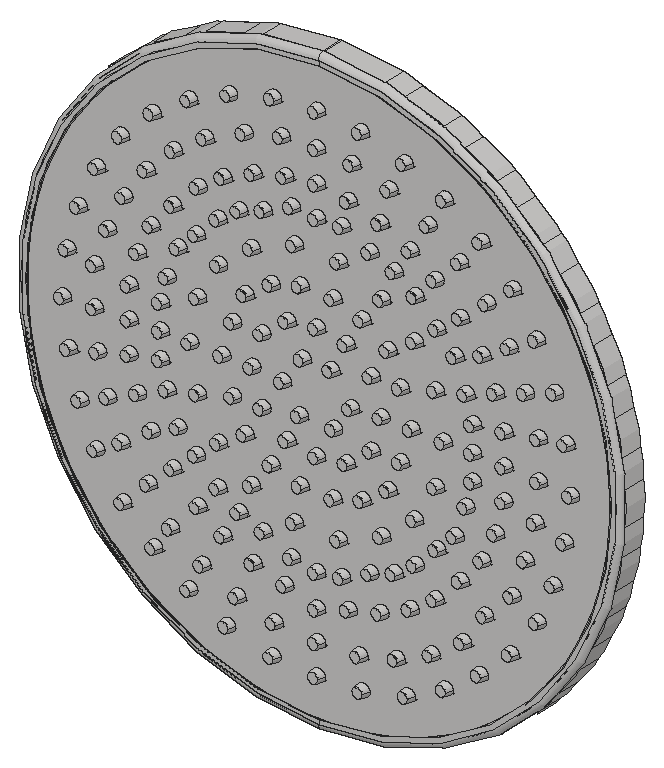
Revit family "52158-25-bim", category Plumbing Fixtures, host Face, Revit 2014 (continued)
Forms (in)
  Blend 149, solid, material "Metal - Delta - Stainless-Steel" <- "Faucet Material"
    top sketch origin (-1.04891, 0, -3.27898) x (1, 0, 0) y (0, 0, 1)
      loop
        circle (-0.85469, 10.74571) r 0.09774
    from 0.91543 to 1.14378
  Blend 150, solid, material "Metal - Delta - Stainless-Steel" <- "Faucet Material"
    base sketch origin (-1.45963, 0, -3.98996) x (1, 0, 0) y (0, 0, 1)
      loop
        circle (-0.85469, 10.74571) r 0.14299
    top sketch origin (-1.45963, 0, -3.98996) x (1, 0, 0) y (0, 0, 1)
      loop
        circle (-0.85469, 10.74571) r 0.09774
    from 0.91543 to 1.14378
  Blend 151, solid, material "Metal - Delta - Stainless-Steel" <- "Faucet Material"
    base sketch origin (-1.60774, 0, -4.82993) x (1, 0, 0) y (0, 0, 1)
      loop
        circle (-0.85469, 10.74571) r 0.14299
    top sketch origin (-1.60774, 0, -4.82993) x (1, 0, 0) y (0, 0, 1)
      loop
        circle (-0.85469, 10.74571) r 0.09774
    from 0.91543 to 1.14378
  Blend 152, solid, material "Metal - Delta - Stainless-Steel" <- "Faucet Material"
    base sketch origin (-0.98661, 0, -4.82993) x (1, 0, 0) y (0, 0, 1)
      loop
        circle (-0.85469, 10.74571) r 0.14299
    top sketch origin (-0.98661, 0, -4.82993) x (1, 0, 0) y (0, 0, 1)
      loop
        circle (-0.85469, 10.74571) r 0.09774
    from 0.91543 to 1.14378
  Blend 153, solid, material "Metal - Delta - Stainless-Steel" <- "Faucet Material"
    base sketch origin (-0.4017, 0, -4.82993) x (1, 0, 0) y (0, 0, 1)
      loop
        circle (-0.85469, 10.74571) r 0.14299
    top sketch origin (-0.4017, 0, -4.82993) x (1, 0, 0) y (0, 0, 1)
      loop
        circle (-0.85469, 10.74571) r 0.09774
    from 0.91543 to 1.14378
  Blend 154, solid, material "Metal - Delta - Stainless-Steel" <- "Faucet Material"
    base sketch origin (-0.7767, 0, -4.18041) x (1, 0, 0) y (0, 0, 1)
      loop
        circle (-0.85469, 10.74571) r 0.14299
    top sketch origin (-0.7767, 0, -4.18041) x (1, 0, 0) y (0, 0, 1)
      loop
        circle (-0.85469, 10.74571) r 0.09774
    from 0.91543 to 1.14378
  Blend 155, solid, material "Metal - Delta - Stainless-Steel" <- "Faucet Material"
    base sketch origin (-0.20673, 0, -4.18041) x (1, 0, 0) y (0, 0, 1)
      loop
        circle (-0.85469, 10.74571) r 0.14299
    top sketch origin (-0.20673, 0, -4.18041) x (1, 0, 0) y (0, 0, 1)
      loop
        circle (-0.85469, 10.74571) r 0.09774
    from 0.91543 to 1.14378
  Blend 156, solid, material "Metal - Delta - Stainless-Steel" <- "Faucet Material"
    base sketch origin (-0.53593, 0, -3.61022) x (1, 0, 0) y (0, 0, 1)
      loop
        circle (-0.85469, 10.74571) r 0.14299
    top sketch origin (-0.53593, 0, -3.61022) x (1, 0, 0) y (0, 0, 1)
      loop
        circle (-0.85469, 10.74571) r 0.09774
    from 0.91543 to 1.14378
  Blend 157, solid, material "Metal - Delta - Stainless-Steel" <- "Faucet Material"
    base sketch origin (-0.02962, 0, -3.2557) x (1, 0, 0) y (0, 0, 1)
      loop
        circle (-0.85469, 10.74571) r 0.14299
    top sketch origin (-0.02962, 0, -3.2557) x (1, 0, 0) y (0, 0, 1)
      loop
        circle (-0.85469, 10.74571) r 0.09774
    from 0.91543 to 1.14378
  Blend 158, solid, material "Metal - Delta - Stainless-Steel" <- "Faucet Material"
    base sketch origin (0.27941, 0, -3.79096) x (1, 0, 0) y (0, 0, 1)
      loop
        circle (-0.85469, 10.74571) r 0.14299
    top sketch origin (0.27941, 0, -3.79096) x (1, 0, 0) y (0, 0, 1)
      loop
        circle (-0.85469, 10.74571) r 0.09774
    from 0.91543 to 1.14378
  Blend 159, solid, material "Metal - Delta - Stainless-Steel" <- "Faucet Material"
    base sketch origin (0.53593, 0, -3.08619) x (1, 0, 0) y (0, 0, 1)
      loop
        circle (-0.85469, 10.74571) r 0.14299
    top sketch origin (0.53593, 0, -3.08619) x (1, 0, 0) y (0, 0, 1)
      loop
        circle (-0.85469, 10.74571) r 0.09774
    from 0.91543 to 1.14378
  Blend 160, solid, material "Metal - Delta - Stainless-Steel" <- "Faucet Material"
    base sketch origin (0.85469, 0, -3.70729) x (1, 0, 0) y (0, 0, 1)
      loop
        circle (-0.85469, 10.74571) r 0.14299
    top sketch origin (0.85469, 0, -3.70729) x (1, 0, 0) y (0, 0, 1)
      loop
        circle (-0.85469, 10.74571) r 0.09774
    from 0.91543 to 1.14378
  Blend 161, solid, material "Metal - Delta - Stainless-Steel" <- "Faucet Material"
    base sketch origin (0.42314, 0, 14.24067) x (1, 0, 0) y (0, 0, 1)
      loop
        circle (-0.85469, -10.74571) r 0.14299
    top sketch origin (0.42314, 0, 14.24067) x (1, 0, 0) y (0, 0, 1)
      loop
        circle (-0.85469, -10.74571) r 0.09774
    from 0.91543 to 1.14378
  Blend 162, solid, material "Metal - Delta - Stainless-Steel" <- "Faucet Material"
    base sketch origin (-0.41301, 0, 14.5956) x (1, 0, 0) y (0, 0, 1)
      loop
        circle (-0.85469, -10.74571) r 0.14299
    top sketch origin (-0.41301, 0, 14.5956) x (1, 0, 0) y (0, 0, 1)
      loop
        circle (-0.85469, -10.74571) r 0.09774
    from 0.91543 to 1.14378
  Blend 163, solid, material "Metal - Delta - Stainless-Steel" <- "Faucet Material"
    base sketch origin (-1.04891, 0, 15.11054) x (1, 0, 0) y (0, 0, 1)
      loop
        circle (-0.85469, -10.74571) r 0.14299
    top sketch origin (-1.04891, 0, 15.11054) x (1, 0, 0) y (0, 0, 1)
      loop
        circle (-0.85469, -10.74571) r 0.09774
    from 0.91543 to 1.14378
  Blend 164, solid, material "Metal - Delta - Stainless-Steel" <- "Faucet Material"
    base sketch origin (-1.45963, 0, 15.82152) x (1, 0, 0) y (0, 0, 1)
      loop
        circle (-0.85469, -10.74571) r 0.14299
    top sketch origin (-1.45963, 0, 15.82152) x (1, 0, 0) y (0, 0, 1)
      loop
        circle (-0.85469, -10.74571) r 0.09774
    from 0.91543 to 1.14378
  Blend 165, solid, material "Metal - Delta - Stainless-Steel" <- "Faucet Material"
    base sketch origin (-0.7767, 0, 16.01197) x (1, 0, 0) y (0, 0, 1)
      loop
        circle (-0.85469, -10.74571) r 0.14299
    top sketch origin (-0.7767, 0, 16.01197) x (1, 0, 0) y (0, 0, 1)
      loop
        circle (-0.85469, -10.74571) r 0.09774
    from 0.91543 to 1.14378
  Blend 166, solid, material "Metal - Delta - Stainless-Steel" <- "Faucet Material"
    base sketch origin (-0.20673, 0, 16.01197) x (1, 0, 0) y (0, 0, 1)
      loop
        circle (-0.85469, -10.74571) r 0.14299
    top sketch origin (-0.20673, 0, 16.01197) x (1, 0, 0) y (0, 0, 1)
      loop
        circle (-0.85469, -10.74571) r 0.09774
    from 0.91543 to 1.14378
  Blend 167, solid, material "Metal - Delta - Stainless-Steel" <- "Faucet Material"
    base sketch origin (-0.53593, 0, 15.44178) x (1, 0, 0) y (0, 0, 1)
      loop
        circle (-0.85469, -10.74571) r 0.14299
    top sketch origin (-0.53593, 0, 15.44178) x (1, 0, 0) y (0, 0, 1)
      loop
        circle (-0.85469, -10.74571) r 0.09774
    from 0.91543 to 1.14378
  Blend 168, solid, material "Metal - Delta - Stainless-Steel" <- "Faucet Material"
    base sketch origin (-0.02962, 0, 15.08726) x (1, 0, 0) y (0, 0, 1)
      loop
        circle (-0.85469, -10.74571) r 0.14299
    top sketch origin (-0.02962, 0, 15.08726) x (1, 0, 0) y (0, 0, 1)
      loop
        circle (-0.85469, -10.74571) r 0.09774
    from 0.91543 to 1.14378
  Blend 169, solid, material "Metal - Delta - Stainless-Steel" <- "Faucet Material"
    base sketch origin (0.27941, 0, 15.62252) x (1, 0, 0) y (0, 0, 1)
      loop
        circle (-0.85469, -10.74571) r 0.14299
    top sketch origin (0.27941, 0, 15.62252) x (1, 0, 0) y (0, 0, 1)
      loop
        circle (-0.85469, -10.74571) r 0.09774
    from 0.91543 to 1.14378
  Blend 170, solid, material "Metal - Delta - Stainless-Steel" <- "Faucet Material"
    base sketch origin (0.53593, 0, 14.91776) x (1, 0, 0) y (0, 0, 1)
      loop
        circle (-0.85469, -10.74571) r 0.14299
    top sketch origin (0.53593, 0, 14.91776) x (1, 0, 0) y (0, 0, 1)
      loop
        circle (-0.85469, -10.74571) r 0.09774
    from 0.91543 to 1.14378
  Blend 171, solid, material "Metal - Delta - Stainless-Steel" <- "Faucet Material"
    base sketch origin (0.85469, 0, 15.53885) x (1, 0, 0) y (0, 0, 1)
      loop
        circle (-0.85469, -10.74571) r 0.14299
    top sketch origin (0.85469, 0, 15.53885) x (1, 0, 0) y (0, 0, 1)
      loop
        circle (-0.85469, -10.74571) r 0.09774
    from 0.91543 to 1.14378
  Revolve 172, solid, material "Metal - Delta - Stainless-Steel" <- "Faucet Material"
    sketch origin (0, 0, 0) x (0, 1, 0) y (0, 0, -1)
      loop
        line (-0.45086, -11.78051) -> (-0.45086, -11.72105) -> (-0.88741, -11.72105)
        arc (-0.88741, -11.72105) -> (-0.92671, -11.70477) -> (-0.94299, -11.66546) r 0.05558
        line (-0.94299, -11.66546) -> (-0.94299, -11.57038) -> (-1.00205, -11.57038) -> (-1.00205, -11.66141)
        arc (-1.00205, -11.66141) -> (-0.96716, -11.74563) -> (-0.88294, -11.78051) r 0.1191
        line (-0.88294, -11.78051) -> (-0.45086, -11.78051)
      loop
        line (-0.42566, -6.62303) -> (0.30908, -6.62303)
        arc (0.30908, -6.62303) -> (0.32905, -6.61476) -> (0.33732, -6.59478) r 0.02825
        line (0.33732, -6.59478) -> (0.33732, -6.27476)
        arc (0.33732, -6.27476) -> (0.37524, -6.24811) -> (0.40877, -6.21611) r 0.31046
        line (0.40877, -6.21611) -> (0.51843, -6.21611) -> (0.51843, -6.28441)
        arc (0.51843, -6.28441) -> (0.53452, -6.32327) -> (0.57338, -6.33936) r 0.05495
        line (0.57338, -6.33936) -> (1.20376, -6.33936)
        arc (1.20376, -6.33936) -> (1.22026, -6.33253) -> (1.22709, -6.31603) r 0.02333
        line (1.22709, -6.31603) -> (1.22709, -6.03268) -> (0.57614, -6.03268) -> (0.57614, -5.875) -> (-0.42566, -5.875) -> (-0.42566, -6.62303)
      axis (-1.00205, -5.875) -> (1.22709, -5.875)
    angle from 0 to 360
  Blend 173, solid, material "Metal - Delta - Stainless-Steel" <- "Faucet Material"
    base sketch origin (-0.42314, 0, -2.40911) x (-1, 0, 0) y (0, 0, -1)
      loop
        circle (-0.85469, -10.74571) r 0.14299
    top sketch origin (-0.42314, 0, -2.40911) x (-1, 0, 0) y (0, 0, -1)
      loop
        circle (-0.85469, -10.74571) r 0.09774
    from 0.91543 to 1.14378
  Blend 174, solid, material "Metal - Delta - Stainless-Steel" <- "Faucet Material"
    base sketch origin (0.41301, 0, -2.76404) x (-1, 0, 0) y (0, 0, -1)
      loop
        circle (-0.85469, -10.74571) r 0.14299
    top sketch origin (0.41301, 0, -2.76404) x (-1, 0, 0) y (0, 0, -1)
      loop
        circle (-0.85469, -10.74571) r 0.09774
    from 0.91543 to 1.14378
  Blend 175, solid, material "Metal - Delta - Stainless-Steel" <- "Faucet Material"
    base sketch origin (1.04891, 0, -3.27898) x (-1, 0, 0) y (0, 0, -1)
      loop
        circle (-0.85469, -10.74571) r 0.14299
    top sketch origin (1.04891, 0, -3.27898) x (-1, 0, 0) y (0, 0, -1)
      loop
        circle (-0.85469, -10.74571) r 0.09774
    from 0.91543 to 1.14378
  Blend 176, solid, material "Metal - Delta - Stainless-Steel" <- "Faucet Material"
    base sketch origin (1.45963, 0, -3.98996) x (-1, 0, 0) y (0, 0, -1)
      loop
        circle (-0.85469, -10.74571) r 0.14299
    top sketch origin (1.45963, 0, -3.98996) x (-1, 0, 0) y (0, 0, -1)
      loop
        circle (-0.85469, -10.74571) r 0.09774
    from 0.91543 to 1.14378
  Blend 177, solid, material "Metal - Delta - Stainless-Steel" <- "Faucet Material"
    base sketch origin (1.60774, 0, -4.82993) x (-1, 0, 0) y (0, 0, -1)
      loop
        circle (-0.85469, -10.74571) r 0.14299
    top sketch origin (1.60774, 0, -4.82993) x (-1, 0, 0) y (0, 0, -1)
      loop
        circle (-0.85469, -10.74571) r 0.09774
    from 0.91543 to 1.14378
  Blend 178, solid, material "Metal - Delta - Stainless-Steel" <- "Faucet Material"
    base sketch origin (0.98661, 0, -4.82993) x (-1, 0, 0) y (0, 0, -1)
      loop
        circle (-0.85469, -10.74571) r 0.14299
    top sketch origin (0.98661, 0, -4.82993) x (-1, 0, 0) y (0, 0, -1)
      loop
        circle (-0.85469, -10.74571) r 0.09774
    from 0.91543 to 1.14378
  Blend 179, solid, material "Metal - Delta - Stainless-Steel" <- "Faucet Material"
    base sketch origin (0.4017, 0, -4.82993) x (-1, 0, 0) y (0, 0, -1)
      loop
        circle (-0.85469, -10.74571) r 0.14299
    top sketch origin (0.4017, 0, -4.82993) x (-1, 0, 0) y (0, 0, -1)
      loop
        circle (-0.85469, -10.74571) r 0.09774
    from 0.91543 to 1.14378
  Blend 180, solid, material "Metal - Delta - Stainless-Steel" <- "Faucet Material"
    base sketch origin (0.7767, 0, -4.18041) x (-1, 0, 0) y (0, 0, -1)
      loop
        circle (-0.85469, -10.74571) r 0.14299
    top sketch origin (0.7767, 0, -4.18041) x (-1, 0, 0) y (0, 0, -1)
      loop
        circle (-0.85469, -10.74571) r 0.09774
    from 0.91543 to 1.14378
  Blend 181, solid, material "Metal - Delta - Stainless-Steel" <- "Faucet Material"
    base sketch origin (0.20673, 0, -4.18041) x (-1, 0, 0) y (0, 0, -1)
      loop
        circle (-0.85469, -10.74571) r 0.14299
    top sketch origin (0.20673, 0, -4.18041) x (-1, 0, 0) y (0, 0, -1)
      loop
        circle (-0.85469, -10.74571) r 0.09774
    from 0.91543 to 1.14378
  Blend 182, solid, material "Metal - Delta - Stainless-Steel" <- "Faucet Material"
    base sketch origin (0.53593, 0, -3.61022) x (-1, 0, 0) y (0, 0, -1)
      loop
        circle (-0.85469, -10.74571) r 0.14299
    top sketch origin (0.53593, 0, -3.61022) x (-1, 0, 0) y (0, 0, -1)
      loop
        circle (-0.85469, -10.74571) r 0.09774
    from 0.91543 to 1.14378
  Blend 183, solid, material "Metal - Delta - Stainless-Steel" <- "Faucet Material"
    base sketch origin (0.02962, 0, -3.2557) x (-1, 0, 0) y (0, 0, -1)
      loop
        circle (-0.85469, -10.74571) r 0.14299
    top sketch origin (0.02962, 0, -3.2557) x (-1, 0, 0) y (0, 0, -1)
      loop
        circle (-0.85469, -10.74571) r 0.09774
    from 0.91543 to 1.14378
  Blend 184, solid, material "Metal - Delta - Stainless-Steel" <- "Faucet Material"
    base sketch origin (-0.27941, 0, -3.79096) x (-1, 0, 0) y (0, 0, -1)
      loop
        circle (-0.85469, -10.74571) r 0.14299
    top sketch origin (-0.27941, 0, -3.79096) x (-1, 0, 0) y (0, 0, -1)
      loop
        circle (-0.85469, -10.74571) r 0.09774
    from 0.91543 to 1.14378
  Blend 185, solid, material "Metal - Delta - Stainless-Steel" <- "Faucet Material"
    base sketch origin (-0.53593, 0, -3.08619) x (-1, 0, 0) y (0, 0, -1)
      loop
        circle (-0.85469, -10.74571) r 0.14299
    top sketch origin (-0.53593, 0, -3.08619) x (-1, 0, 0) y (0, 0, -1)
      loop
        circle (-0.85469, -10.74571) r 0.09774
    from 0.91543 to 1.14378
  Blend 186, solid, material "Metal - Delta - Stainless-Steel" <- "Faucet Material"
    base sketch origin (-0.42314, 0, 14.24067) x (-1, 0, 0) y (0, 0, -1)
      loop
        circle (-0.85469, 10.74571) r 0.14299
    top sketch origin (-0.42314, 0, 14.24067) x (-1, 0, 0) y (0, 0, -1)
      loop
        circle (-0.85469, 10.74571) r 0.09774
    from 0.91543 to 1.14378
  Blend 187, solid, material "Metal - Delta - Stainless-Steel" <- "Faucet Material"
    base sketch origin (0.41301, 0, 14.5956) x (-1, 0, 0) y (0, 0, -1)
      loop
        circle (-0.85469, 10.74571) r 0.14299
    top sketch origin (0.41301, 0, 14.5956) x (-1, 0, 0) y (0, 0, -1)
      loop
        circle (-0.85469, 10.74571) r 0.09774
    from 0.91543 to 1.14378
  Blend 188, solid, material "Metal - Delta - Stainless-Steel" <- "Faucet Material"
    base sketch origin (1.04891, 0, 15.11054) x (-1, 0, 0) y (0, 0, -1)
      loop
        circle (-0.85469, 10.74571) r 0.14299
    top sketch origin (1.04891, 0, 15.11054) x (-1, 0, 0) y (0, 0, -1)
      loop
        circle (-0.85469, 10.74571) r 0.09774
    from 0.91543 to 1.14378
  Blend 189, solid, material "Metal - Delta - Stainless-Steel" <- "Faucet Material"
    base sketch origin (1.45963, 0, 15.82152) x (-1, 0, 0) y (0, 0, -1)
      loop
        circle (-0.85469, 10.74571) r 0.14299
    top sketch origin (1.45963, 0, 15.82152) x (-1, 0, 0) y (0, 0, -1)
      loop
        circle (-0.85469, 10.74571) r 0.09774
    from 0.91543 to 1.14378
  Blend 190, solid, material "Metal - Delta - Stainless-Steel" <- "Faucet Material"
    base sketch origin (0.7767, 0, 16.01197) x (-1, 0, 0) y (0, 0, -1)
      loop
        circle (-0.85469, 10.74571) r 0.14299
    top sketch origin (0.7767, 0, 16.01197) x (-1, 0, 0) y (0, 0, -1)
      loop
        circle (-0.85469, 10.74571) r 0.09774
    from 0.91543 to 1.14378
  Blend 191, solid, material "Metal - Delta - Stainless-Steel" <- "Faucet Material"
    base sketch origin (0.20673, 0, 16.01197) x (-1, 0, 0) y (0, 0, -1)
      loop
        circle (-0.85469, 10.74571) r 0.14299
    top sketch origin (0.20673, 0, 16.01197) x (-1, 0, 0) y (0, 0, -1)
      loop
        circle (-0.85469, 10.74571) r 0.09774
    from 0.91543 to 1.14378
  Blend 192, solid, material "Metal - Delta - Stainless-Steel" <- "Faucet Material"
    base sketch origin (0.53593, 0, 15.44178) x (-1, 0, 0) y (0, 0, -1)
      loop
        circle (-0.85469, 10.74571) r 0.14299
    top sketch origin (0.53593, 0, 15.44178) x (-1, 0, 0) y (0, 0, -1)
      loop
        circle (-0.85469, 10.74571) r 0.09774
    from 0.91543 to 1.14378
  Blend 193, solid, material "Metal - Delta - Stainless-Steel" <- "Faucet Material"
    base sketch origin (0.02962, 0, 15.08726) x (-1, 0, 0) y (0, 0, -1)
      loop
        circle (-0.85469, 10.74571) r 0.14299
    top sketch origin (0.02962, 0, 15.08726) x (-1, 0, 0) y (0, 0, -1)
      loop
        circle (-0.85469, 10.74571) r 0.09774
    from 0.91543 to 1.14378
  Blend 194, solid, material "Metal - Delta - Stainless-Steel" <- "Faucet Material"
    base sketch origin (-0.27941, 0, 15.62252) x (-1, 0, 0) y (0, 0, -1)
      loop
        circle (-0.85469, 10.74571) r 0.14299
    top sketch origin (-0.27941, 0, 15.62252) x (-1, 0, 0) y (0, 0, -1)
      loop
        circle (-0.85469, 10.74571) r 0.09774
    from 0.91543 to 1.14378
  Blend 195, solid, material "Metal - Delta - Stainless-Steel" <- "Faucet Material"
    base sketch origin (-0.53593, 0, 14.91776) x (-1, 0, 0) y (0, 0, -1)
      loop
        circle (-0.85469, 10.74571) r 0.14299
    top sketch origin (-0.53593, 0, 14.91776) x (-1, 0, 0) y (0, 0, -1)
      loop
        circle (-0.85469, 10.74571) r 0.09774
    from 0.91543 to 1.14378
  Blend 196, solid, material "Metal - Delta - Stainless-Steel" <- "Faucet Material"
    base sketch origin (0.57487, 0, -4.34664) x (1, 0, 0) y (0, 0, 1)
      loop
        circle (-0.85469, 10.74571) r 0.14299
    top sketch origin (0.57487, 0, -4.34664) x (1, 0, 0) y (0, 0, 1)
      loop
        circle (-0.85469, 10.74571) r 0.09774
    from 0.91543 to 1.14378
  Blend 197, solid, material "Metal - Delta - Stainless-Steel" <- "Faucet Material"
    base sketch origin (0.18899, 0, -4.87776) x (1, 0, 0) y (0, 0, 1)
      loop
        circle (-0.85469, 10.74571) r 0.14299
    top sketch origin (0.18899, 0, -4.87776) x (1, 0, 0) y (0, 0, 1)
      loop
        circle (-0.85469, 10.74571) r 0.09774
    from 0.91543 to 1.14378
  Blend 198, solid, material "Metal - Delta - Stainless-Steel" <- "Faucet Material"
    base sketch origin (0.5212, 0, -5.35221) x (1, 0, 0) y (0, 0, 1)
      loop
        circle (-0.85469, 10.74571) r 0.14299
    top sketch origin (0.5212, 0, -5.35221) x (1, 0, 0) y (0, 0, 1)
      loop
        circle (-0.85469, 10.74571) r 0.09774
    from 0.91543 to 1.14378
  Blend 199, solid, material "Metal - Delta - Stainless-Steel" <- "Faucet Material"
    base sketch origin (-0.57487, 0, -4.34664) x (-1, 0, 0) y (0, 0, -1)
      loop
        circle (-0.85469, -10.74571) r 0.14299
    top sketch origin (-0.57487, 0, -4.34664) x (-1, 0, 0) y (0, 0, -1)
      loop
        circle (-0.85469, -10.74571) r 0.09774
    from 0.91543 to 1.14378
  Blend 200, solid, material "Metal - Delta - Stainless-Steel" <- "Faucet Material"
    base sketch origin (-0.18899, 0, -4.87776) x (-1, 0, 0) y (0, 0, -1)
      loop
        circle (-0.85469, -10.74571) r 0.14299
    top sketch origin (-0.18899, 0, -4.87776) x (-1, 0, 0) y (0, 0, -1)
      loop
        circle (-0.85469, -10.74571) r 0.09774
    from 0.91543 to 1.14378
  Blend 201, solid, material "Metal - Delta - Stainless-Steel" <- "Faucet Material"
    base sketch origin (-0.5212, 0, -5.35221) x (-1, 0, 0) y (0, 0, -1)
      loop
        circle (-0.85469, -10.74571) r 0.14299
    top sketch origin (-0.5212, 0, -5.35221) x (-1, 0, 0) y (0, 0, -1)
      loop
        circle (-0.85469, -10.74571) r 0.09774
    from 0.91543 to 1.14378
Dimensions and locks (in)
  equal spacing: plane 4, plane 1 "Center (Front/Back)", plane 5
  "Depth": plane 4 to plane 5
  "Height": plane 6 to plane 2
  equal spacing: plane 8, plane 3 "Center (Left/Right)", plane 9
  "Width": plane 8 to plane 9
  aligned and locked: plane 2 to host face
  aligned and locked: level to host face
Automatic sketch dimensions
  host sketch curve to host sketch curve = 96"  (x2)
  plane 5 to Revolve 1 sketch curve = 0.20108"
  Revolve 1 sketch curve to Revolve 1 sketch curve = 0.05906"
  Revolve 1 sketch curve to Revolve 1 sketch curve = 0.05558"
  Revolve 1 sketch curve to Revolve 1 sketch curve = 0.00446"
  plane 6 to Revolve 1 sketch curve = 0.07583"
  Revolve 1 sketch curve to Revolve 1 sketch curve = 0.43208"
  plane 1 "Center (Front/Back)" to Revolve 1 sketch curve = 0.42566"
  Revolve 1 sketch curve to plane 1 "Center (Front/Back)" = 0.17828"
  Revolve 1 sketch curve to plane 1 "Center (Front/Back)" = 0.30908"
  Revolve 1 sketch curve to Revolve 1 sketch curve = 0.02825"
  Revolve 1 sketch curve to Revolve 1 sketch curve = 0.07145"
  Revolve 1 sketch curve to Revolve 1 sketch curve = 0.10965"
  Revolve 1 sketch curve to Revolve 1 sketch curve = 0.05495"
  Revolve 1 sketch curve to Revolve 1 sketch curve = 0.05771"
  plane 4 to Revolve 1 sketch curve = 0.00064"
  plane 4 to Revolve 1 sketch curve = 0.02396"
  Revolve 1 sketch curve to Revolve 1 sketch curve = 0.00405"
  Revolve 1 sketch curve to Revolve 1 sketch curve = 0.09508"
  Revolve 1 sketch curve to Revolve 1 sketch curve = 4.94735"
  Revolve 1 sketch curve to Revolve 1 sketch curve = 0.25542"
  Revolve 1 sketch curve to Revolve 1 sketch curve = 0.00965"
  Revolve 1 sketch curve to Revolve 1 sketch curve = 0.0683"
  Revolve 1 sketch curve to Revolve 1 sketch curve = 0.18344"
  Revolve 1 sketch curve to Revolve 1 sketch curve = 0.13314"  (x2)
  Revolve 1 sketch curve to plane 1 "Center (Front/Back)" = 0.02137"
  Revolve 1 sketch curve to Revolve 1 sketch curve = 0.01812"
  Extrusion 2 sketch curve to plane 3 "Center (Left/Right)" = 0"
  level to Extrusion 2 sketch curve = 5 7/8"
  Blend 3 sketch curve to plane 3 "Center (Left/Right)" = 0.85469"  (x2)
  plane 6 to Blend 3 sketch curve = 1.05117"  (x2)
  Blend 4 sketch curve to plane 3 "Center (Left/Right)" = 0"  (x2)
  plane 6 to Blend 4 sketch curve = 0.97639"  (x2)
  Blend 5 sketch curve to plane 3 "Center (Left/Right)" = 1.70675"  (x2)
  plane 6 to Blend 5 sketch curve = 1.29213"  (x2)
  Blend 6 sketch curve to plane 3 "Center (Left/Right)" = 2.48447"  (x2)
  plane 6 to Blend 6 sketch curve = 1.65478"  (x2)
  plane 8 to Blend 7 sketch curve = 2.72143"  (x2)
  plane 6 to Blend 7 sketch curve = 2.13772"  (x2)
  plane 8 to Blend 8 sketch curve = 2.10746"  (x2)
  plane 6 to Blend 8 sketch curve = 2.75169"  (x2)
  plane 8 to Blend 9 sketch curve = 1.64375"  (x2)
  plane 6 to Blend 9 sketch curve = 3.46574"  (x2)
  plane 8 to Blend 10 sketch curve = 1.2876"  (x2)
  plane 6 to Blend 10 sketch curve = 4.26566"  (x2)
  plane 8 to Blend 11 sketch curve = 1.06806"  (x2)
  plane 6 to Blend 11 sketch curve = 5.08499"  (x2)
  plane 8 to Blend 12 sketch curve = 0.97695"  (x2)
  level to Blend 12 sketch curve = 5.84506"  (x2)
  plane 8 to Blend 13 sketch curve = 1.09777"  (x2)
  level to Blend 13 sketch curve = 4.9854"  (x2)
  plane 8 to Blend 14 sketch curve = 1.31834"  (x2)
  level to Blend 14 sketch curve = 4.16222"  (x2)
  plane 8 to Blend 15 sketch curve = 1.62911"  (x2)
  level to Blend 15 sketch curve = 3.41003"  (x2)
  plane 8 to Blend 16 sketch curve = 2.15304"  (x2)
  level to Blend 16 sketch curve = 2.67066"  (x2)
  plane 8 to Blend 17 sketch curve = 2.75594"  (x2)
  level to Blend 17 sketch curve = 2.09849"  (x2)
  Blend 18 sketch curve to plane 3 "Center (Left/Right)" = 2.4841"  (x2)
  level to Blend 18 sketch curve = 1.60415"  (x2)
  Blend 19 sketch curve to plane 3 "Center (Left/Right)" = 1.74696"  (x2)
  level to Blend 19 sketch curve = 1.22785"  (x2)
  Blend 20 sketch curve to plane 3 "Center (Left/Right)" = 0.86659"  (x2)
  level to Blend 20 sketch curve = 1.00405"  (x2)
  Blend 21 sketch curve to plane 3 "Center (Left/Right)" = 0"  (x2)
  plane 6 to Blend 21 sketch curve = 1.63391"  (x2)
  Blend 22 sketch curve to plane 3 "Center (Left/Right)" = 0"  (x2)
  plane 6 to Blend 22 sketch curve = 2.24987"  (x2)
  Blend 23 sketch curve to plane 3 "Center (Left/Right)" = 0"  (x2)
  plane 6 to Blend 23 sketch curve = 2.85151"  (x2)
  Blend 24 sketch curve to plane 3 "Center (Left/Right)" = 0.6861"  (x2)
  plane 6 to Blend 24 sketch curve = 1.66315"  (x2)
  Blend 25 sketch curve to plane 3 "Center (Left/Right)" = 1.41055"  (x2)
  plane 6 to Blend 25 sketch curve = 1.85727"  (x2)
  Blend 26 sketch curve to plane 3 "Center (Left/Right)" = 2.17144"  (x2)
  plane 6 to Blend 26 sketch curve = 2.21208"  (x2)
  Blend 27 sketch curve to plane 3 "Center (Left/Right)" = 2.7858"  (x2)
  plane 6 to Blend 27 sketch curve = 2.64226"  (x2)
  plane 8 to Blend 28 sketch curve = 2.60575"  (x2)
  plane 6 to Blend 28 sketch curve = 3.17259"  (x2)
  plane 8 to Blend 29 sketch curve = 2.17556"  (x2)
  plane 6 to Blend 29 sketch curve = 3.78695"  (x2)
  plane 8 to Blend 30 sketch curve = 1.8586"  (x2)
  plane 6 to Blend 30 sketch curve = 4.46668"  (x2)
  plane 8 to Blend 31 sketch curve = 1.60208"  (x2)
  plane 6 to Blend 31 sketch curve = 5.17145"  (x2)
  plane 8 to Blend 32 sketch curve = 1.60208"  (x2)
  level to Blend 32 sketch curve = 5.87542"  (x2)
  plane 8 to Blend 33 sketch curve = 1.66745"  (x2)
  level to Blend 33 sketch curve = 5.12828"  (x2)
  plane 8 to Blend 34 sketch curve = 1.86157"  (x2)
  level to Blend 34 sketch curve = 4.40383"  (x2)
  plane 8 to Blend 35 sketch curve = 2.11808"  (x2)
  level to Blend 35 sketch curve = 3.69906"  (x2)
  plane 8 to Blend 36 sketch curve = 2.64841"  (x2)
  level to Blend 36 sketch curve = 3.16873"  (x2)
  Blend 37 sketch curve to plane 3 "Center (Left/Right)" = 2.84328"  (x2)
  level to Blend 37 sketch curve = 2.55437"  (x2)
  Blend 38 sketch curve to plane 3 "Center (Left/Right)" = 2.22892"  (x2)
  level to Blend 38 sketch curve = 2.12419"  (x2)
  Blend 39 sketch curve to plane 3 "Center (Left/Right)" = 1.54919"  (x2)
  level to Blend 39 sketch curve = 1.80722"  (x2)
  Blend 40 sketch curve to plane 3 "Center (Left/Right)" = 0.82474"  (x2)
  level to Blend 40 sketch curve = 1.61311"  (x2)
  Blend 41 sketch curve to plane 3 "Center (Left/Right)" = 0.61712"  (x2)
  plane 6 to Blend 41 sketch curve = 2.3355"  (x2)
  Blend 42 sketch curve to plane 3 "Center (Left/Right)" = 1.23479"  (x2)
  plane 6 to Blend 42 sketch curve = 2.50101"  (x2)
  Blend 43 sketch curve to plane 3 "Center (Left/Right)" = 1.82027"  (x2)
  plane 6 to Blend 43 sketch curve = 2.77402"  (x2)
  Blend 44 sketch curve to plane 3 "Center (Left/Right)" = 2.30551"  (x2)
  plane 6 to Blend 44 sketch curve = 3.11379"  (x2)
  Blend 45 sketch curve to plane 3 "Center (Left/Right)" = 2.79581"  (x2)
  plane 6 to Blend 45 sketch curve = 3.60409"  (x2)
  plane 8 to Blend 46 sketch curve = 2.70341"  (x2)
  plane 6 to Blend 46 sketch curve = 4.10779"  (x2)
  plane 8 to Blend 47 sketch curve = 2.44155"  (x2)
  plane 6 to Blend 47 sketch curve = 4.66934"  (x2)
  plane 8 to Blend 48 sketch curve = 2.2751"  (x2)
  plane 6 to Blend 48 sketch curve = 5.29054"  (x2)
  plane 8 to Blend 49 sketch curve = 2.2751"  (x2)
  plane 6 to Blend 49 sketch curve = 5.89793"  (x2)
  plane 3 "Center (Left/Right)" to Blend 50 sketch curve = 0.61712"  (x2)
  Blend 50 sketch curve to level = 2.33652"  (x2)
  plane 3 "Center (Left/Right)" to Blend 51 sketch curve = 1.23479"  (x2)
  Blend 51 sketch curve to level = 2.50203"  (x2)
  plane 3 "Center (Left/Right)" to Blend 52 sketch curve = 1.82027"  (x2)
  Blend 52 sketch curve to level = 2.77504"  (x2)
  plane 3 "Center (Left/Right)" to Blend 53 sketch curve = 2.30551"  (x2)
  Blend 53 sketch curve to level = 3.11481"  (x2)
  plane 3 "Center (Left/Right)" to Blend 54 sketch curve = 2.79581"  (x2)
  Blend 54 sketch curve to level = 3.60511"  (x2)
  Blend 55 sketch curve to plane 8 = 2.70341"  (x2)
  Blend 55 sketch curve to level = 4.10881"  (x2)
  Blend 56 sketch curve to plane 8 = 2.44155"  (x2)
  Blend 56 sketch curve to level = 4.67036"  (x2)
  Blend 57 sketch curve to plane 8 = 2.2751"  (x2)
  Blend 57 sketch curve to level = 5.29156"  (x2)
  Blend 58 sketch curve to plane 3 "Center (Left/Right)" = 0.48771"  (x2)
  plane 6 to Blend 58 sketch curve = 2.81847"  (x2)
  Blend 59 sketch curve to plane 3 "Center (Left/Right)" = 1.03883"  (x2)
  plane 6 to Blend 59 sketch curve = 3.07546"  (x2)
  Blend 60 sketch curve to plane 3 "Center (Left/Right)" = 1.50868"  (x2)
  plane 6 to Blend 60 sketch curve = 3.24647"  (x2)
  Blend 61 sketch curve to plane 3 "Center (Left/Right)" = 1.91826"  (x2)
  plane 6 to Blend 61 sketch curve = 3.53326"  (x2)
  Blend 62 sketch curve to plane 3 "Center (Left/Right)" = 2.34035"  (x2)
  plane 6 to Blend 62 sketch curve = 3.95535"  (x2)
  Blend 63 sketch curve to plane 3 "Center (Left/Right)" = 2.6939"  (x2)
  plane 6 to Blend 63 sketch curve = 4.3089"  (x2)
  Blend 64 sketch curve to plane 3 "Center (Left/Right)" = 2.90662"  (x2)
  plane 6 to Blend 64 sketch curve = 4.89333"  (x2)
  plane 8 to Blend 65 sketch curve = 2.88585"  (x2)
  plane 6 to Blend 65 sketch curve = 5.3763"  (x2)
  plane 8 to Blend 66 sketch curve = 2.88585"  (x2)
  plane 6 to Blend 66 sketch curve = 5.8763"  (x2)
  plane 3 "Center (Left/Right)" to Blend 67 sketch curve = 0.48771"  (x2)
  Blend 67 sketch curve to level = 2.86275"  (x2)
  plane 3 "Center (Left/Right)" to Blend 68 sketch curve = 1.03883"  (x2)
  Blend 68 sketch curve to level = 3.11974"  (x2)
  plane 3 "Center (Left/Right)" to Blend 69 sketch curve = 1.50868"  (x2)
  Blend 69 sketch curve to level = 3.29075"  (x2)
  plane 3 "Center (Left/Right)" to Blend 70 sketch curve = 1.91826"  (x2)
  Blend 70 sketch curve to level = 3.57754"  (x2)
  plane 3 "Center (Left/Right)" to Blend 71 sketch curve = 2.34035"  (x2)
  Blend 71 sketch curve to level = 3.99963"  (x2)
  plane 3 "Center (Left/Right)" to Blend 72 sketch curve = 2.6939"  (x2)
  Blend 72 sketch curve to level = 4.35318"  (x2)
  plane 3 "Center (Left/Right)" to Blend 73 sketch curve = 2.90662"  (x2)
  Blend 73 sketch curve to level = 4.93762"  (x2)
  Blend 74 sketch curve to plane 8 = 2.88585"  (x2)
  Blend 74 sketch curve to level = 5.42058"  (x2)
  Blend 75 sketch curve to plane 3 "Center (Left/Right)" = 0.85469"  (x2)
  Blend 75 sketch curve to plane 6 = 1.05117"  (x2)
  Blend 76 sketch curve to plane 3 "Center (Left/Right)" = 1.70675"  (x2)
  Blend 76 sketch curve to plane 6 = 1.29213"  (x2)
  Blend 77 sketch curve to plane 3 "Center (Left/Right)" = 2.48447"  (x2)
  Blend 77 sketch curve to plane 6 = 1.65478"  (x2)
  plane 9 to Blend 78 sketch curve = 2.72143"  (x2)
  Blend 78 sketch curve to plane 6 = 2.13772"  (x2)
  plane 9 to Blend 79 sketch curve = 2.10746"  (x2)
  Blend 79 sketch curve to plane 6 = 2.75169"  (x2)
  plane 9 to Blend 80 sketch curve = 1.64375"  (x2)
  Blend 80 sketch curve to plane 6 = 3.46574"  (x2)
  plane 9 to Blend 81 sketch curve = 1.2876"  (x2)
  Blend 81 sketch curve to plane 6 = 4.26566"  (x2)
  plane 9 to Blend 82 sketch curve = 1.06806"  (x2)
  Blend 82 sketch curve to plane 6 = 5.08499"  (x2)
  plane 9 to Blend 83 sketch curve = 0.97695"  (x2)
  Blend 83 sketch curve to level = 5.84506"  (x2)
  plane 9 to Blend 84 sketch curve = 1.09777"  (x2)
  Blend 84 sketch curve to level = 4.9854"  (x2)
  plane 9 to Blend 85 sketch curve = 1.31834"  (x2)
  Blend 85 sketch curve to level = 4.16222"  (x2)
  plane 9 to Blend 86 sketch curve = 1.62911"  (x2)
  Blend 86 sketch curve to level = 3.41003"  (x2)
  plane 9 to Blend 87 sketch curve = 2.15304"  (x2)
  Blend 87 sketch curve to level = 2.67066"  (x2)
  plane 9 to Blend 88 sketch curve = 2.75594"  (x2)
  Blend 88 sketch curve to level = 2.09849"  (x2)
  Blend 89 sketch curve to plane 3 "Center (Left/Right)" = 2.4841"  (x2)
  Blend 89 sketch curve to level = 1.60415"  (x2)
  Blend 90 sketch curve to plane 3 "Center (Left/Right)" = 1.74696"  (x2)
  Blend 90 sketch curve to level = 1.22785"  (x2)
  Blend 91 sketch curve to plane 3 "Center (Left/Right)" = 0.86659"  (x2)
  Blend 91 sketch curve to level = 1.00405"  (x2)
  Blend 92 sketch curve to plane 3 "Center (Left/Right)" = 0.6861"  (x2)
  Blend 92 sketch curve to plane 6 = 1.66315"  (x2)
  Blend 93 sketch curve to plane 3 "Center (Left/Right)" = 1.41055"  (x2)
  Blend 93 sketch curve to plane 6 = 1.85727"  (x2)
  Blend 94 sketch curve to plane 3 "Center (Left/Right)" = 2.17144"  (x2)
  Blend 94 sketch curve to plane 6 = 2.21208"  (x2)
  Blend 95 sketch curve to plane 3 "Center (Left/Right)" = 2.7858"  (x2)
  Blend 95 sketch curve to plane 6 = 2.64226"  (x2)
  plane 9 to Blend 96 sketch curve = 2.60575"  (x2)
  Blend 96 sketch curve to plane 6 = 3.17259"  (x2)
  plane 9 to Blend 97 sketch curve = 2.17556"  (x2)
  Blend 97 sketch curve to plane 6 = 3.78695"  (x2)
  plane 9 to Blend 98 sketch curve = 1.8586"  (x2)
  Blend 98 sketch curve to plane 6 = 4.46668"  (x2)
  plane 9 to Blend 99 sketch curve = 1.60208"  (x2)
  Blend 99 sketch curve to plane 6 = 5.17145"  (x2)
  plane 9 to Blend 100 sketch curve = 1.60208"  (x2)
  Blend 100 sketch curve to level = 5.87542"  (x2)
  plane 9 to Blend 101 sketch curve = 1.66745"  (x2)
  Blend 101 sketch curve to level = 5.12828"  (x2)
  plane 9 to Blend 102 sketch curve = 1.86157"  (x2)
  Blend 102 sketch curve to level = 4.40383"  (x2)
  plane 9 to Blend 103 sketch curve = 2.11808"  (x2)
  Blend 103 sketch curve to level = 3.69906"  (x2)
  plane 9 to Blend 104 sketch curve = 2.64841"  (x2)
  Blend 104 sketch curve to level = 3.16873"  (x2)
  Blend 105 sketch curve to plane 3 "Center (Left/Right)" = 2.84328"  (x2)
  Blend 105 sketch curve to level = 2.55437"  (x2)
  Blend 106 sketch curve to plane 3 "Center (Left/Right)" = 2.22892"  (x2)
  Blend 106 sketch curve to level = 2.12419"  (x2)
  Blend 107 sketch curve to plane 3 "Center (Left/Right)" = 1.54919"  (x2)
  Blend 107 sketch curve to level = 1.80722"  (x2)
  Blend 108 sketch curve to plane 3 "Center (Left/Right)" = 0.82474"  (x2)
  Blend 108 sketch curve to level = 1.61311"  (x2)
  Blend 109 sketch curve to plane 3 "Center (Left/Right)" = 0.61712"  (x2)
  Blend 109 sketch curve to plane 6 = 2.3355"  (x2)
  Blend 110 sketch curve to plane 3 "Center (Left/Right)" = 1.23479"  (x2)
  Blend 110 sketch curve to plane 6 = 2.50101"  (x2)
  Blend 111 sketch curve to plane 3 "Center (Left/Right)" = 1.82027"  (x2)
  Blend 111 sketch curve to plane 6 = 2.77402"  (x2)
  Blend 112 sketch curve to plane 3 "Center (Left/Right)" = 2.30551"  (x2)
  Blend 112 sketch curve to plane 6 = 3.11379"  (x2)
  Blend 113 sketch curve to plane 3 "Center (Left/Right)" = 2.79581"  (x2)
  Blend 113 sketch curve to plane 6 = 3.60409"  (x2)
  plane 9 to Blend 114 sketch curve = 2.70341"  (x2)
  Blend 114 sketch curve to plane 6 = 4.10779"  (x2)
  plane 9 to Blend 115 sketch curve = 2.44155"  (x2)
  Blend 115 sketch curve to plane 6 = 4.66934"  (x2)
  plane 9 to Blend 116 sketch curve = 2.2751"  (x2)
  Blend 116 sketch curve to plane 6 = 5.29054"  (x2)
  plane 9 to Blend 117 sketch curve = 2.2751"  (x2)
  Blend 117 sketch curve to plane 6 = 5.89793"  (x2)
  plane 3 "Center (Left/Right)" to Blend 118 sketch curve = 0.61712"  (x2)
  level to Blend 118 sketch curve = 2.33652"  (x2)
  plane 3 "Center (Left/Right)" to Blend 119 sketch curve = 1.23479"  (x2)
  level to Blend 119 sketch curve = 2.50203"  (x2)
  plane 3 "Center (Left/Right)" to Blend 120 sketch curve = 1.82027"  (x2)
  level to Blend 120 sketch curve = 2.77504"  (x2)
  plane 3 "Center (Left/Right)" to Blend 121 sketch curve = 2.30551"  (x2)
  level to Blend 121 sketch curve = 3.11481"  (x2)
  plane 3 "Center (Left/Right)" to Blend 122 sketch curve = 2.79581"  (x2)
  level to Blend 122 sketch curve = 3.60511"  (x2)
  Blend 123 sketch curve to plane 9 = 2.70341"  (x2)
  level to Blend 123 sketch curve = 4.10881"  (x2)
  Blend 124 sketch curve to plane 9 = 2.44155"  (x2)
  level to Blend 124 sketch curve = 4.67036"  (x2)
  Blend 125 sketch curve to plane 9 = 2.2751"  (x2)
  level to Blend 125 sketch curve = 5.29156"  (x2)
  Blend 126 sketch curve to plane 3 "Center (Left/Right)" = 0.48771"  (x2)
  Blend 126 sketch curve to plane 6 = 2.81847"  (x2)
  Blend 127 sketch curve to plane 3 "Center (Left/Right)" = 1.03883"  (x2)
  Blend 127 sketch curve to plane 6 = 3.07546"  (x2)
  Blend 128 sketch curve to plane 3 "Center (Left/Right)" = 1.50868"  (x2)
  Blend 128 sketch curve to plane 6 = 3.24647"  (x2)
  Blend 129 sketch curve to plane 3 "Center (Left/Right)" = 1.91826"  (x2)
  Blend 129 sketch curve to plane 6 = 3.53326"  (x2)
  Blend 130 sketch curve to plane 3 "Center (Left/Right)" = 2.34035"  (x2)
  Blend 130 sketch curve to plane 6 = 3.95535"  (x2)
  Blend 131 sketch curve to plane 3 "Center (Left/Right)" = 2.6939"  (x2)
  Blend 131 sketch curve to plane 6 = 4.3089"  (x2)
  Blend 132 sketch curve to plane 3 "Center (Left/Right)" = 2.90662"  (x2)
  Blend 132 sketch curve to plane 6 = 4.89333"  (x2)
  plane 9 to Blend 133 sketch curve = 2.88585"  (x2)
  Blend 133 sketch curve to plane 6 = 5.3763"  (x2)
  plane 9 to Blend 134 sketch curve = 2.88585"  (x2)
  Blend 134 sketch curve to plane 6 = 5.8763"  (x2)
  plane 3 "Center (Left/Right)" to Blend 135 sketch curve = 0.48771"  (x2)
  level to Blend 135 sketch curve = 2.86275"  (x2)
  plane 3 "Center (Left/Right)" to Blend 136 sketch curve = 1.03883"  (x2)
  level to Blend 136 sketch curve = 3.11974"  (x2)
  plane 3 "Center (Left/Right)" to Blend 137 sketch curve = 1.50868"  (x2)
  level to Blend 137 sketch curve = 3.29075"  (x2)
  plane 3 "Center (Left/Right)" to Blend 138 sketch curve = 1.91826"  (x2)
  level to Blend 138 sketch curve = 3.57754"  (x2)
  plane 3 "Center (Left/Right)" to Blend 139 sketch curve = 2.34035"  (x2)
  level to Blend 139 sketch curve = 3.99963"  (x2)
  plane 3 "Center (Left/Right)" to Blend 140 sketch curve = 2.6939"  (x2)
  level to Blend 140 sketch curve = 4.35318"  (x2)
  plane 3 "Center (Left/Right)" to Blend 141 sketch curve = 2.90662"  (x2)
  level to Blend 141 sketch curve = 4.93762"  (x2)
  Blend 142 sketch curve to plane 9 = 2.88585"  (x2)
  level to Blend 142 sketch curve = 5.42058"  (x2)
  Blend 143 sketch curve to plane 3 "Center (Left/Right)" = 0"  (x2)
  Blend 143 sketch curve to level = 2.77675"  (x2)
  Blend 144 sketch curve to plane 3 "Center (Left/Right)" = 0"  (x2)
  Blend 144 sketch curve to level = 2.14042"  (x2)
  Blend 145 sketch curve to plane 3 "Center (Left/Right)" = 0"  (x2)
  Blend 145 sketch curve to level = 1.55552"  (x2)
  Blend 146 sketch curve to plane 3 "Center (Left/Right)" = 0"  (x2)
  Blend 146 sketch curve to level = 0.95978"  (x2)
  Blend 147 sketch curve to plane 3 "Center (Left/Right)" = 0.43156"  (x2)
  plane 6 to Blend 147 sketch curve = 3.46028"  (x2)
  Blend 148 sketch curve to plane 3 "Center (Left/Right)" = 1.2677"  (x2)
  plane 6 to Blend 148 sketch curve = 3.8152"  (x2)
  Blend 149 sketch curve to plane 3 "Center (Left/Right)" = 1.90361"  (x2)
  plane 6 to Blend 149 sketch curve = 4.33015"  (x2)
  Blend 150 sketch curve to plane 3 "Center (Left/Right)" = 2.31432"  (x2)
  plane 6 to Blend 150 sketch curve = 5.04113"  (x2)
  Blend 151 sketch curve to plane 3 "Center (Left/Right)" = 2.46243"  (x2)
  plane 6 to Blend 151 sketch curve = 5.88109"  (x2)
  Blend 152 sketch curve to plane 3 "Center (Left/Right)" = 1.8413"  (x2)
  plane 6 to Blend 152 sketch curve = 5.88109"  (x2)
  Blend 153 sketch curve to plane 3 "Center (Left/Right)" = 1.25639"  (x2)
  plane 6 to Blend 153 sketch curve = 5.88109"  (x2)
  Blend 154 sketch curve to plane 3 "Center (Left/Right)" = 1.63139"  (x2)
  plane 6 to Blend 154 sketch curve = 5.23158"  (x2)
  Blend 155 sketch curve to plane 3 "Center (Left/Right)" = 1.06143"  (x2)
  plane 6 to Blend 155 sketch curve = 5.23158"  (x2)
  Blend 156 sketch curve to plane 3 "Center (Left/Right)" = 1 25/64"  (x2)
  plane 6 to Blend 156 sketch curve = 4.66139"  (x2)
  Blend 157 sketch curve to plane 3 "Center (Left/Right)" = 0.88431"  (x2)
  plane 6 to Blend 157 sketch curve = 4.30686"  (x2)
  Blend 158 sketch curve to plane 3 "Center (Left/Right)" = 0.57528"  (x2)
  plane 6 to Blend 158 sketch curve = 4.84213"  (x2)
  Blend 159 sketch curve to plane 3 "Center (Left/Right)" = 0.31876"  (x2)
  plane 6 to Blend 159 sketch curve = 4.13736"  (x2)
  Blend 160 sketch curve to plane 3 "Center (Left/Right)" = 0"  (x2)
  plane 6 to Blend 160 sketch curve = 4.75845"  (x2)
  plane 3 "Center (Left/Right)" to Blend 161 sketch curve = 0.43156"  (x2)
  Blend 161 sketch curve to level = 3.49496"  (x2)
  plane 3 "Center (Left/Right)" to Blend 162 sketch curve = 1.2677"  (x2)
  Blend 162 sketch curve to level = 3.84989"  (x2)
  plane 3 "Center (Left/Right)" to Blend 163 sketch curve = 1.90361"  (x2)
  Blend 163 sketch curve to level = 4.36483"  (x2)
  plane 3 "Center (Left/Right)" to Blend 164 sketch curve = 2.31432"  (x2)
  Blend 164 sketch curve to level = 5.07581"  (x2)
  plane 3 "Center (Left/Right)" to Blend 165 sketch curve = 1.63139"  (x2)
  Blend 165 sketch curve to level = 5.26626"  (x2)
  plane 3 "Center (Left/Right)" to Blend 166 sketch curve = 1.06143"  (x2)
  Blend 166 sketch curve to level = 5.26626"  (x2)
  plane 3 "Center (Left/Right)" to Blend 167 sketch curve = 1 25/64"  (x2)
  Blend 167 sketch curve to level = 4.69607"  (x2)
  plane 3 "Center (Left/Right)" to Blend 168 sketch curve = 0.88431"  (x2)
  Blend 168 sketch curve to level = 4.34155"  (x2)
  plane 3 "Center (Left/Right)" to Blend 169 sketch curve = 0.57528"  (x2)
  Blend 169 sketch curve to level = 4.87682"  (x2)
  plane 3 "Center (Left/Right)" to Blend 170 sketch curve = 0.31876"  (x2)
  Blend 170 sketch curve to level = 4.17205"  (x2)
  Blend 171 sketch curve to plane 3 "Center (Left/Right)" = 0"  (x2)
  Blend 171 sketch curve to level = 4.79314"  (x2)
  plane 5 to Revolve 172 sketch curve = 0.20108"
  Revolve 172 sketch curve to Revolve 172 sketch curve = 0.05906"
  Revolve 172 sketch curve to Revolve 172 sketch curve = 0.05558"
  Revolve 172 sketch curve to Revolve 172 sketch curve = 0.00446"
  plane 6 to Revolve 172 sketch curve = 0.07583"
  Revolve 172 sketch curve to Revolve 172 sketch curve = 0.43208"
  plane 1 "Center (Front/Back)" to Revolve 172 sketch curve = 0.42566"
  Revolve 172 sketch curve to plane 1 "Center (Front/Back)" = 0.17828"
  Revolve 172 sketch curve to plane 1 "Center (Front/Back)" = 0.30908"
  Revolve 172 sketch curve to Revolve 172 sketch curve = 0.02825"
  Revolve 172 sketch curve to Revolve 172 sketch curve = 0.07145"
  Revolve 172 sketch curve to Revolve 172 sketch curve = 0.10965"
  Revolve 172 sketch curve to Revolve 172 sketch curve = 0.05495"
  Revolve 172 sketch curve to Revolve 172 sketch curve = 0.05771"
  plane 4 to Revolve 172 sketch curve = 0.00064"
  plane 4 to Revolve 172 sketch curve = 0.02396"
  plane 6 to Revolve 172 sketch curve = 0.01636"
  Revolve 172 sketch curve to Revolve 172 sketch curve = 0.09508"
  Revolve 172 sketch curve to Revolve 172 sketch curve = 4.94735"
  Revolve 172 sketch curve to Revolve 172 sketch curve = 0.25542"
  Revolve 172 sketch curve to Revolve 172 sketch curve = 0.00965"
  Revolve 172 sketch curve to Revolve 172 sketch curve = 0.05865"
  Revolve 172 sketch curve to Revolve 172 sketch curve = 0.28336"
  Revolve 172 sketch curve to Revolve 172 sketch curve = 0.13314"  (x2)
  Revolve 172 sketch curve to plane 1 "Center (Front/Back)" = 0.02137"
  Revolve 172 sketch curve to Revolve 172 sketch curve = 0.01812"
  Blend 173 sketch curve to plane 3 "Center (Left/Right)" = 0.43156"  (x2)
  Blend 173 sketch curve to plane 6 = 3.46028"  (x2)
  Blend 174 sketch curve to plane 3 "Center (Left/Right)" = 1.2677"  (x2)
  Blend 174 sketch curve to plane 6 = 3.8152"  (x2)
  Blend 175 sketch curve to plane 3 "Center (Left/Right)" = 1.90361"  (x2)
  Blend 175 sketch curve to plane 6 = 4.33015"  (x2)
  Blend 176 sketch curve to plane 3 "Center (Left/Right)" = 2.31432"  (x2)
  Blend 176 sketch curve to plane 6 = 5.04113"  (x2)
  Blend 177 sketch curve to plane 3 "Center (Left/Right)" = 2.46243"  (x2)
  Blend 177 sketch curve to plane 6 = 5.88109"  (x2)
  Blend 178 sketch curve to plane 3 "Center (Left/Right)" = 1.8413"  (x2)
  Blend 178 sketch curve to plane 6 = 5.88109"  (x2)
  Blend 179 sketch curve to plane 3 "Center (Left/Right)" = 1.25639"  (x2)
  Blend 179 sketch curve to plane 6 = 5.88109"  (x2)
  Blend 180 sketch curve to plane 3 "Center (Left/Right)" = 1.63139"  (x2)
  Blend 180 sketch curve to plane 6 = 5.23158"  (x2)
  Blend 181 sketch curve to plane 3 "Center (Left/Right)" = 1.06143"  (x2)
  Blend 181 sketch curve to plane 6 = 5.23158"  (x2)
  Blend 182 sketch curve to plane 3 "Center (Left/Right)" = 1 25/64"  (x2)
  Blend 182 sketch curve to plane 6 = 4.66139"  (x2)
  Blend 183 sketch curve to plane 3 "Center (Left/Right)" = 0.88431"  (x2)
  Blend 183 sketch curve to plane 6 = 4.30686"  (x2)
  Blend 184 sketch curve to plane 3 "Center (Left/Right)" = 0.57528"  (x2)
  Blend 184 sketch curve to plane 6 = 4.84213"  (x2)
  Blend 185 sketch curve to plane 3 "Center (Left/Right)" = 0.31876"  (x2)
  Blend 185 sketch curve to plane 6 = 4.13736"  (x2)
  plane 3 "Center (Left/Right)" to Blend 186 sketch curve = 0.43156"  (x2)
  level to Blend 186 sketch curve = 3.49496"  (x2)
  plane 3 "Center (Left/Right)" to Blend 187 sketch curve = 1.2677"  (x2)
  level to Blend 187 sketch curve = 3.84989"  (x2)
  plane 3 "Center (Left/Right)" to Blend 188 sketch curve = 1.90361"  (x2)
  level to Blend 188 sketch curve = 4.36483"  (x2)
  plane 3 "Center (Left/Right)" to Blend 189 sketch curve = 2.31432"  (x2)
  level to Blend 189 sketch curve = 5.07581"  (x2)
  plane 3 "Center (Left/Right)" to Blend 190 sketch curve = 1.63139"  (x2)
  level to Blend 190 sketch curve = 5.26626"  (x2)
  plane 3 "Center (Left/Right)" to Blend 191 sketch curve = 1.06143"  (x2)
  level to Blend 191 sketch curve = 5.26626"  (x2)
  plane 3 "Center (Left/Right)" to Blend 192 sketch curve = 1 25/64"  (x2)
  level to Blend 192 sketch curve = 4.69607"  (x2)
  plane 3 "Center (Left/Right)" to Blend 193 sketch curve = 0.88431"  (x2)
  level to Blend 193 sketch curve = 4.34155"  (x2)
  plane 3 "Center (Left/Right)" to Blend 194 sketch curve = 0.57528"  (x2)
  level to Blend 194 sketch curve = 4.87682"  (x2)
  plane 3 "Center (Left/Right)" to Blend 195 sketch curve = 0.31876"  (x2)
  level to Blend 195 sketch curve = 4.17205"  (x2)
  Blend 196 sketch curve to plane 3 "Center (Left/Right)" = 0.27982"  (x2)
  plane 6 to Blend 196 sketch curve = 5.3978"  (x2)
  Blend 197 sketch curve to plane 3 "Center (Left/Right)" = 0.6657"  (x2)
  level to Blend 197 sketch curve = 5.86795"  (x2)
  Blend 198 sketch curve to plane 3 "Center (Left/Right)" = 0.33349"  (x2)
  level to Blend 198 sketch curve = 5.3935"  (x2)
  Blend 199 sketch curve to plane 3 "Center (Left/Right)" = 0.27982"  (x2)
  Blend 199 sketch curve to plane 6 = 5.3978"  (x2)
  Blend 200 sketch curve to plane 3 "Center (Left/Right)" = 0.6657"  (x2)
  Blend 200 sketch curve to level = 5.86795"  (x2)
  Blend 201 sketch curve to plane 3 "Center (Left/Right)" = 0.33349"  (x2)
  Blend 201 sketch curve to level = 5.3935"  (x2)
  radius of Extrusion 2 sketch curve = 5.69538"
  radius of Blend 3 sketch curve = 0.14299"
  radius of Blend 3 sketch curve = 0.09774"
  radius of Blend 4 sketch curve = 0.14299"
  radius of Blend 4 sketch curve = 0.09774"
  radius of Blend 5 sketch curve = 0.14299"
  radius of Blend 5 sketch curve = 0.09774"
  radius of Blend 6 sketch curve = 0.14299"
  radius of Blend 6 sketch curve = 0.09774"
  radius of Blend 7 sketch curve = 0.14299"
  radius of Blend 7 sketch curve = 0.09774"
  radius of Blend 8 sketch curve = 0.14299"
  radius of Blend 8 sketch curve = 0.09774"
  radius of Blend 9 sketch curve = 0.14299"
  radius of Blend 9 sketch curve = 0.09774"
  radius of Blend 10 sketch curve = 0.14299"
  radius of Blend 10 sketch curve = 0.09774"
  radius of Blend 11 sketch curve = 0.14299"
  radius of Blend 11 sketch curve = 0.09774"
  radius of Blend 12 sketch curve = 0.14299"
  radius of Blend 12 sketch curve = 0.09774"
  radius of Blend 13 sketch curve = 0.14299"
  radius of Blend 13 sketch curve = 0.09774"
  radius of Blend 14 sketch curve = 0.14299"
  radius of Blend 14 sketch curve = 0.09774"
  radius of Blend 15 sketch curve = 0.14299"
  radius of Blend 15 sketch curve = 0.09774"
  radius of Blend 16 sketch curve = 0.14299"
  radius of Blend 16 sketch curve = 0.09774"
  radius of Blend 17 sketch curve = 0.14299"
  radius of Blend 17 sketch curve = 0.09774"
  radius of Blend 18 sketch curve = 0.14299"
  radius of Blend 18 sketch curve = 0.09774"
  radius of Blend 19 sketch curve = 0.14299"
  radius of Blend 19 sketch curve = 0.09774"
  radius of Blend 20 sketch curve = 0.14299"
  radius of Blend 20 sketch curve = 0.09774"
  radius of Blend 21 sketch curve = 0.14299"
  radius of Blend 21 sketch curve = 0.09774"
  radius of Blend 22 sketch curve = 0.14299"
  radius of Blend 22 sketch curve = 0.09774"
  radius of Blend 23 sketch curve = 0.14299"
  radius of Blend 23 sketch curve = 0.09774"
  radius of Blend 24 sketch curve = 0.14299"
  radius of Blend 24 sketch curve = 0.09774"
  radius of Blend 25 sketch curve = 0.14299"
  radius of Blend 25 sketch curve = 0.09774"
  radius of Blend 26 sketch curve = 0.14299"
  radius of Blend 26 sketch curve = 0.09774"
  radius of Blend 27 sketch curve = 0.14299"
  radius of Blend 27 sketch curve = 0.09774"
  radius of Blend 28 sketch curve = 0.14299"
  radius of Blend 28 sketch curve = 0.09774"
  radius of Blend 29 sketch curve = 0.14299"
  radius of Blend 29 sketch curve = 0.09774"
  radius of Blend 30 sketch curve = 0.14299"
  radius of Blend 30 sketch curve = 0.09774"
  radius of Blend 31 sketch curve = 0.14299"
  radius of Blend 31 sketch curve = 0.09774"
  radius of Blend 32 sketch curve = 0.14299"
  radius of Blend 32 sketch curve = 0.09774"
  radius of Blend 33 sketch curve = 0.14299"
  radius of Blend 33 sketch curve = 0.09774"
  radius of Blend 34 sketch curve = 0.14299"
  radius of Blend 34 sketch curve = 0.09774"
  radius of Blend 35 sketch curve = 0.14299"
  radius of Blend 35 sketch curve = 0.09774"
  radius of Blend 36 sketch curve = 0.14299"
  radius of Blend 36 sketch curve = 0.09774"
  radius of Blend 37 sketch curve = 0.14299"
  radius of Blend 37 sketch curve = 0.09774"
  radius of Blend 38 sketch curve = 0.14299"
  radius of Blend 38 sketch curve = 0.09774"
  radius of Blend 39 sketch curve = 0.14299"
  radius of Blend 39 sketch curve = 0.09774"
  radius of Blend 40 sketch curve = 0.14299"
  radius of Blend 40 sketch curve = 0.09774"
  radius of Blend 41 sketch curve = 0.14299"
  radius of Blend 41 sketch curve = 0.09774"
  radius of Blend 42 sketch curve = 0.14299"
  radius of Blend 42 sketch curve = 0.09774"
  radius of Blend 43 sketch curve = 0.14299"
  radius of Blend 43 sketch curve = 0.09774"
  radius of Blend 44 sketch curve = 0.14299"
  radius of Blend 44 sketch curve = 0.09774"
  radius of Blend 45 sketch curve = 0.14299"
  radius of Blend 45 sketch curve = 0.09774"
  radius of Blend 46 sketch curve = 0.14299"
  radius of Blend 46 sketch curve = 0.09774"
  radius of Blend 47 sketch curve = 0.14299"
  radius of Blend 47 sketch curve = 0.09774"
  radius of Blend 48 sketch curve = 0.14299"
  radius of Blend 48 sketch curve = 0.09774"
  radius of Blend 49 sketch curve = 0.14299"
  radius of Blend 49 sketch curve = 0.09774"
  radius of Blend 50 sketch curve = 0.14299"
  radius of Blend 50 sketch curve = 0.09774"
  radius of Blend 51 sketch curve = 0.14299"
  radius of Blend 51 sketch curve = 0.09774"
  radius of Blend 52 sketch curve = 0.14299"
  radius of Blend 52 sketch curve = 0.09774"
  radius of Blend 53 sketch curve = 0.14299"
  radius of Blend 53 sketch curve = 0.09774"
  radius of Blend 54 sketch curve = 0.14299"
  radius of Blend 54 sketch curve = 0.09774"
  radius of Blend 55 sketch curve = 0.14299"
  radius of Blend 55 sketch curve = 0.09774"
  radius of Blend 56 sketch curve = 0.14299"
  radius of Blend 56 sketch curve = 0.09774"
  radius of Blend 57 sketch curve = 0.14299"
  radius of Blend 57 sketch curve = 0.09774"
  radius of Blend 58 sketch curve = 0.14299"
  radius of Blend 58 sketch curve = 0.09774"
  radius of Blend 59 sketch curve = 0.14299"
  radius of Blend 59 sketch curve = 0.09774"
  radius of Blend 60 sketch curve = 0.14299"
  radius of Blend 60 sketch curve = 0.09774"
  radius of Blend 61 sketch curve = 0.14299"
  radius of Blend 61 sketch curve = 0.09774"
  radius of Blend 62 sketch curve = 0.14299"
  radius of Blend 62 sketch curve = 0.09774"
  radius of Blend 63 sketch curve = 0.14299"
  radius of Blend 63 sketch curve = 0.09774"
  radius of Blend 64 sketch curve = 0.14299"
  radius of Blend 64 sketch curve = 0.09774"
  radius of Blend 65 sketch curve = 0.14299"
  radius of Blend 65 sketch curve = 0.09774"
  radius of Blend 66 sketch curve = 0.14299"
  radius of Blend 66 sketch curve = 0.09774"
  radius of Blend 67 sketch curve = 0.14299"
  radius of Blend 67 sketch curve = 0.09774"
  radius of Blend 68 sketch curve = 0.14299"
  radius of Blend 68 sketch curve = 0.09774"
  radius of Blend 69 sketch curve = 0.14299"
  radius of Blend 69 sketch curve = 0.09774"
  radius of Blend 70 sketch curve = 0.14299"
  radius of Blend 70 sketch curve = 0.09774"
  radius of Blend 71 sketch curve = 0.14299"
  radius of Blend 71 sketch curve = 0.09774"
  radius of Blend 72 sketch curve = 0.14299"
  radius of Blend 72 sketch curve = 0.09774"
  radius of Blend 73 sketch curve = 0.14299"
  radius of Blend 73 sketch curve = 0.09774"
  radius of Blend 74 sketch curve = 0.14299"
  radius of Blend 74 sketch curve = 0.09774"
  radius of Blend 75 sketch curve = 0.14299"
  radius of Blend 75 sketch curve = 0.09774"
  radius of Blend 76 sketch curve = 0.14299"
  radius of Blend 76 sketch curve = 0.09774"
  radius of Blend 77 sketch curve = 0.14299"
  radius of Blend 77 sketch curve = 0.09774"
  radius of Blend 78 sketch curve = 0.14299"
  radius of Blend 78 sketch curve = 0.09774"
  radius of Blend 79 sketch curve = 0.14299"
  radius of Blend 79 sketch curve = 0.09774"
  radius of Blend 80 sketch curve = 0.14299"
  radius of Blend 80 sketch curve = 0.09774"
  radius of Blend 81 sketch curve = 0.14299"
  radius of Blend 81 sketch curve = 0.09774"
  radius of Blend 82 sketch curve = 0.14299"
  radius of Blend 82 sketch curve = 0.09774"
  radius of Blend 83 sketch curve = 0.14299"
  radius of Blend 83 sketch curve = 0.09774"
  radius of Blend 84 sketch curve = 0.14299"
  radius of Blend 84 sketch curve = 0.09774"
  radius of Blend 85 sketch curve = 0.14299"
  radius of Blend 85 sketch curve = 0.09774"
